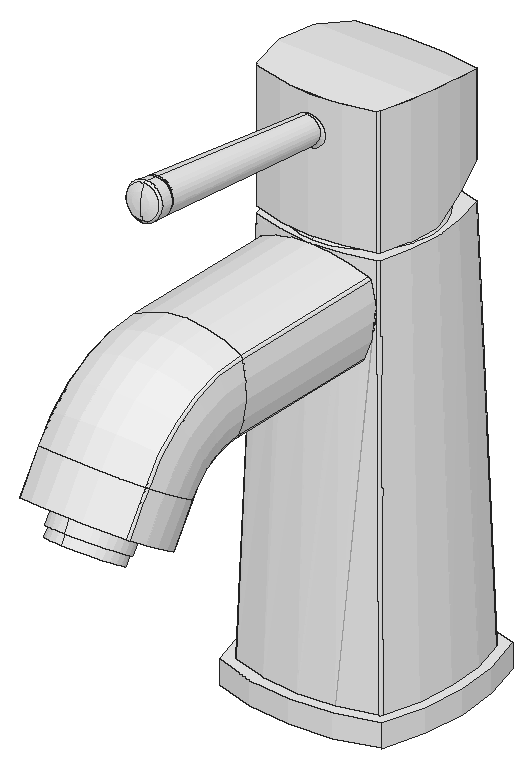
Revit family "Faucet-Lavatory-Grohe-Grandera-23311_Series", category Plumbing Fixtures, Revit 2014
Parameters (values of type "23311000")
  cUPC Compliant = yes
  Waste Connection = no
  Warranty Documentation Link = "https://cdn.cloud.grohe.com/tpi/1000/1900/1940/1949/1949006/original/1949006.pdf"
  WFU = 0
  Vent Connection = no
  URL = "http://www.grohe.com/ca-en/"
  Shipping Weight = 5.30 lbf
  Product Page URL = "https://www.grohe.com/ca-en/25793/bathroom/bathroom-faucets/grandera/product-details/?product=23311-G357&color=000&material=23311000"
  Price = "Prices may vary. Please consult Manufacturer Representative for most up-to-date price list."  # constant formula
  Model = "23311000"
  Material = "Metal-Grohe-000-Chrome"
  Manufacturer = "Grohe"
  Length = 4 3/8"  # constant formula
  Installation Type = "Deck-Mounted"
  Hot Water Connection Diameter = 3/8"
  Height = 6 7/8"  # constant formula
  HWFU = 1.5
  HW Connection = yes
  Flow Rate = "1.5 gpm (5.7 L/min)"
  Finish = Metal-Grohe-000-Chrome
  Description = "Grandera Single-lever basin mixer 1/2\" M-Size"
  Default Elevation = 0"
  Creation Date = "1/26/2017"  # constant formula
  Cold Water Connection Diameter = 3/8"
  CalGreen Compliant = yes
  CWFU = 1.5
  CW Connection = yes
  Assembly Code = "D2020300"
  ADA Compliant = yes
Types (5): name | Product Page URL | Model | Material | Flow Rate | Finish
  (no name) | "https://www.grohe.com/ca-en/25793/bathroom/bathroom-faucets/grandera/product-details/?product=23311-G357&color=000&material=23311000" | "23311000" | "Metal-Grohe-000-Chrome" | "1.5 gpm (5.7 L/min)" | Metal-Grohe-000-Chrome
  23311000 | "https://www.grohe.com/ca-en/25793/bathroom/bathroom-faucets/grandera/product-details/?product=23311-G357&color=000&material=23311000" | "23311000" | "Metal-Grohe-000-Chrome" | "1.5 gpm (5.7 L/min)" | Metal-Grohe-000-Chrome
  2331100A | "https://www.grohe.com/ca-en/25793/bathroom/bathroom-faucets/grandera/product-details/?product=23311-G357&color=00A&material=2331100A" | "2331100A" | "Metal-Grohe-00A-Chrome" | "1.2 gpm (4.56 L/min)" | Metal-Grohe-00A-Chrome
  23311EN0 | "https://www.grohe.com/ca-en/25793/bathroom/bathroom-faucets/grandera/product-details/?product=23311-G357&color=EN0&material=23311EN0" | "23311EN0" | "Metal-Grohe-EN0-Brushed Nickel" | "1.5 gpm (5.7 L/min)" | Metal-Grohe-EN0-Brushed Nickel
  23311ENA | "https://www.grohe.com/ca-en/25793/bathroom/bathroom-faucets/grandera/product-details/?product=23311-G357&color=ENA&material=23311ENA" | "23311ENA" | "Metal-Grohe-ENA-Brushed Nickel" | "1.2 gpm (4.56 L/min)" | Metal-Grohe-ENA-Brushed Nickel
Reference planes (in)
  plane 1 "Center (Front/Back)": y = 0
  plane 2: z = 0
  plane 3 "Center (Left/Right)": x = 0
  plane 4: x = -1.1875
  plane 5: x = 1.1875
  plane 6: y = 1.3125
  plane 7: y = 1.1875
  plane 8: y = -1.1875
  plane 9: through (0, -3.44939, 6.67499) normal (0, -0.1219, -0.9925)
  plane 10: z = 6.875
  plane 11: z = 3.25
  plane 12: y = -4.375
  plane 13: through (0, -4.375, 3.25) normal (0, -0.866, 0.5)
Forms (in)
  Extrusion 1, solid, material "Metal-Grohe-000-Chrome" <- "Finish"
    sketch origin (0, 0, 0) x (1, 0, 0) y (0, 1, 0)
      loop
        arc (-0.99784, 0.99095) -> (-1.18799, 0) -> (-0.99784, -0.99095) r 2.67717
        arc (-0.99784, -0.99095) -> (-0.00689, -1.1811) -> (0.98406, -0.99095) r 2.67717
        arc (0.98406, -0.99095) -> (1.17421, 0) -> (0.98406, 0.99095) r 2.67717
        arc (0.98406, 0.99095) -> (-0.00689, 1.1811) -> (-0.99784, 0.99095) r 2.67717
    from 0 to 0.27559
  Blend 2, solid, material "Metal-Grohe-000-Chrome" <- "Finish"
    base sketch origin (5.125, 0, 0) x (1, 0, 0) y (0, 1, 0)
      loop
        arc (-4.21719, 0.86382) -> (-4.23166, 0.88645) -> (-4.25429, 0.90092) r 0.0625
        arc (-4.25429, 0.90092) -> (-5.12654, 1.05464) -> (-5.99773, 0.89505) r 2.50369
        arc (-5.99773, 0.89505) -> (-6.02063, 0.88022) -> (-6.03524, 0.85718) r 0.06377
        arc (-6.03524, 0.85718) -> (-6.18655, -0.0003) -> (-6.03503, -0.85774) r 2.50369
        arc (-6.03503, -0.85774) -> (-6.02072, -0.88031) -> (-5.99829, -0.89484) r 0.0625
        arc (-5.99829, -0.89484) -> (-5.12684, -1.05464) -> (-4.25429, -0.90092) r 2.50369
        arc (-4.25429, -0.90092) -> (-4.23166, -0.88645) -> (-4.21719, -0.86382) r 0.0625
        arc (-4.21719, -0.86382) -> (-4.06345, 0) -> (-4.21719, 0.86382) r 2.50369
    top sketch origin (5.125, 0, 0) x (1, 0, 0) y (0, 1, 0)
      loop
        arc (-4.39482, 0.75324) -> (-5.12487, 0.87515) -> (-5.85495, 0.75338) r 2.24803
        arc (-5.85495, 0.75338) -> (-5.86872, 0.74478) -> (-5.87732, 0.731) r 0.03603
        arc (-5.87732, 0.731) -> (-5.9991, 0.00092) -> (-5.87718, -0.72913) r 2.24803
        arc (-5.87718, -0.72913) -> (-5.86879, -0.74257) -> (-5.85536, -0.75096) r 0.03516
        arc (-5.85536, -0.75096) -> (-5.12509, -0.87288) -> (-4.39482, -0.75096) r 2.24803
        arc (-4.39482, -0.75096) -> (-4.38138, -0.74257) -> (-4.37299, -0.72913) r 0.03516
        arc (-4.37299, -0.72913) -> (-4.25107, 0.00114) -> (-4.37299, 0.73141) r 2.24803
        arc (-4.37299, 0.73141) -> (-4.38138, 0.74485) -> (-4.39482, 0.75324) r 0.03516
    from 0 to 5.11811
  Sweep 3, solid, material "Metal-Grohe-000-Chrome" <- "Finish"
    path origin (5.125, 0, -0.14723) x (0, 1, 0) y (0, 0, 1)
      loop
        line (0, 2.85955) -> (0, 3.94005)
        arc (0, 3.94005) -> (-0.21967, 4.47038) -> (-0.75, 4.69005) r 0.75
        line (-0.75, 4.69005) -> (-2.73624, 4.69005)
        arc (-2.73624, 4.69005) -> (-3.37603, 4.52459) -> (-3.85538, 4.0697) r 1.31967
        line (-3.85538, 4.0697) -> (-4.13356, 3.62452)
    profile origin (5.125, 0, 3.25257) x (0, -1, 0) y (1, 0, 0)
      loop
        arc (-0.38424, -5.76768) -> (-0.37073, -5.78255) -> (-0.35284, -5.79168) r 0.05588
        arc (-0.35284, -5.79168) -> (0.0783, -5.84092) -> (0.49968, -5.73726) r 1.22911
        arc (0.49968, -5.73726) -> (0.51439, -5.72762) -> (0.52528, -5.7138) r 0.05469
        arc (0.52528, -5.7138) -> (0.67928, -5.11944) -> (0.52657, -4.52475) r 1.22911
        arc (0.52657, -4.52475) -> (0.51569, -4.5109) -> (0.50097, -4.50122) r 0.05469
        arc (0.50097, -4.50122) -> (0.07807, -4.39697) -> (-0.35463, -4.44676) r 1.22911
        arc (-0.35463, -4.44676) -> (-0.37213, -4.45573) -> (-0.38533, -4.4703) r 0.05469
        arc (-0.38533, -4.4703) -> (-0.56991, -5.11915) -> (-0.38424, -5.76768) r 1.22911
  Extrusion 4, solid, material "Metal-Grohe-000-Chrome" <- "Finish"
    sketch origin (0, 0.17969, 0.35156) x (0, 1, 0) y (0, 0, 1)
      loop
        line (1.28867, 1.9685) -> (0.88508, 1.9685)
        arc (0.88508, 1.9685) -> (0.8652, 1.96027) -> (0.85696, 1.94038) r 0.02812
        line (0.85696, 1.94038) -> (0.85696, 1.66973)
        arc (0.85696, 1.66973) -> (0.86438, 1.64691) -> (0.88379, 1.6328) r 0.03883
        line (0.88379, 1.6328) -> (1.01692, 1.58955)
        arc (1.01692, 1.58955) -> (1.03196, 1.59073) -> (1.04176, 1.6022) r 0.01971
        line (1.04176, 1.6022) -> (1.07677, 1.70996)
        arc (1.07677, 1.70996) -> (1.08851, 1.72612) -> (1.1075, 1.73229) r 0.0323
        line (1.1075, 1.73229) -> (1.29103, 1.73229)
        arc (1.29103, 1.73229) -> (1.30621, 1.73857) -> (1.3125, 1.75375) r 0.02147
        line (1.3125, 1.75375) -> (1.3125, 1.94467)
        arc (1.3125, 1.94467) -> (1.30552, 1.96152) -> (1.28867, 1.9685) r 0.02383
    from -0.23918 to 0.25128
  Revolve 5, solid, material "Metal-Grohe-000-Chrome" <- "Finish"
    sketch origin (0, 0.07813, -0.00781) x (0, 1, 0) y (0, 0, 1)
      loop
        line (1.13219, 2.04297) -> (1.06641, 2.06434) -> (0.74048, 1.06123) -> (0.80626, 1.03986) -> (1.13219, 2.04297)
      axis (0.74048, 1.06123) -> (1.06641, 2.06434)
    angle from 0 to 360
  Revolve 6, solid, material "Metal-Grohe-000-Chrome" <- "Finish"
    sketch origin (0, 0, 0) x (0, 1, 0) y (0, 0, 1)
      loop
        line (0, 5.63582) -> (0, 4.90626) -> (0.8142, 4.90626) -> (0.8142, 5.11811)
        arc (0.8142, 5.11811) -> (0.4826, 5.49571) -> (0, 5.63582) r 0.8973
      axis (0, 5.63582) -> (0, 4.90626)
    angle from 0 to 360
  Extrusion 7, solid, material "Metal-Grohe-000-Chrome" <- "Finish"
    sketch origin (0, 0, 0) x (1, 0, 0) y (0, 1, 0)
      loop
        arc (0.73018, 0.75324) -> (-0.00009, 0.87516) -> (-0.73036, 0.75324) r 2.24803
        arc (-0.73036, 0.75324) -> (-0.74379, 0.74485) -> (-0.75218, 0.73141) r 0.03516
        arc (-0.75218, 0.73141) -> (-0.8741, 0.00114) -> (-0.75218, -0.72913) r 2.24803
        arc (-0.75218, -0.72913) -> (-0.74379, -0.74257) -> (-0.73036, -0.75096) r 0.03516
        arc (-0.73036, -0.75096) -> (-0.00009, -0.87288) -> (0.73018, -0.75096) r 2.24803
        arc (0.73018, -0.75096) -> (0.74362, -0.74257) -> (0.75201, -0.72913) r 0.03516
        arc (0.75201, -0.72913) -> (0.87393, 0.00114) -> (0.75201, 0.73141) r 2.24803
        arc (0.75201, 0.73141) -> (0.74362, 0.74485) -> (0.73018, 0.75324) r 0.03516
    from 5.20431 to 7.17638
  Extrusion 8, void
    sketch origin (0, 0, 0) x (0, 1, 0) y (0, 0, 1)
      loop
        line (1.07733, 6.4415) -> (1.07733, 7.3425) -> (-0.96471, 7.3425) -> (-0.96471, 6.72816)
        arc (-0.96471, 6.72816) -> (0.07553, 6.72174) -> (1.07733, 6.4415) r 3.91361
      loop
        line (-0.10642, 5.17183) -> (0.96678, 5.17183) -> (0.96678, 5.69527) -> (-0.10642, 5.17183)
    from -1.1875 to 1.1875
  Revolve 9, solid, material "Metal-Grohe-000-Chrome" <- "Finish"
    sketch origin (0, 0.01562, 0) x (0, 1, 0) y (0, 0, 1)
      loop
        arc (-0.91286, 6.52833) -> (-2.04939, 6.67374) -> (-3.18177, 6.8486) r 44.14224
        line (-3.18177, 6.8486) -> (-3.18775, 6.81752) -> (-3.21953, 6.82364) -> (-3.21408, 6.85603)
        arc (-3.21408, 6.85603) -> (-3.28966, 6.86883) -> (-3.36523, 6.88177) r 44.14118
        arc (-3.36523, 6.88177) -> (-3.38153, 6.87925) -> (-3.39303, 6.86742) r 0.02596
        arc (-3.39303, 6.86742) -> (-3.42906, 6.7735) -> (-3.44939, 6.67499) r 0.61877
        line (-3.44939, 6.67499) -> (-0.82705, 6.35301) -> (-0.82705, 6.58062)
        arc (-0.82705, 6.58062) -> (-0.86098, 6.53974) -> (-0.91286, 6.52833) r 0.08178
      axis (-0.82705, 6.35301) -> (-3.44939, 6.67499)
    angle from 0 to 360
  Revolve 10, solid, material "Metal-Grohe-000-Chrome" <- "Finish"
    sketch origin (0, 0.2711, -4.77202) x (0, 0.97814, -0.207948) y (0, 0.207948, 0.97814)
      loop
        line (-5.69098, 6.86176) -> (-5.66119, 6.85153) -> (-5.58089, 7.07217) -> (-5.99798, 7.22398) -> (-6.12147, 6.88469) -> (-5.72934, 6.75005) -> (-5.69098, 6.86176)
      axis (-5.99798, 7.22398) -> (-6.12147, 6.88469)
    angle from 0 to 360
  Extrusion 11, solid, material "Metal-Grohe-000-Chrome" <- "Finish"
    sketch origin (0, 0, 0) x (1, 0, 0) y (0, 1, 0)
      loop
        circle (-0.43015, 0) r 0.1875
      loop
        circle (0.43015, 0) r 0.1875
    from 0 to 1.03412
Cuts and joins
  Extrusion 8 cuts Extrusion 7
  joined: Extrusion 1, Blend 2, Sweep 3, Extrusion 4, Revolve 5, Revolve 6, Extrusion 7, Revolve 9, Revolve 10, Extrusion 11
Lines and regions (in)
  Masking region 1
    outline origin (0, 0, 0) x (1, 0, 0) y (0, 1, 0)
      loop
        arc (0.98322, 0.99104) -> (0.62343, 1.10565) -> (0.2511, 1.16851) r 2.67703
        line (0.2511, 1.16851) -> (0.2511, 1.49219) -> (-0.23905, 1.49219) -> (-0.23905, 1.17093)
        arc (-0.23905, 1.17093) -> (-0.62473, 1.10871) -> (-0.99725, 0.99102) r 2.67707
        arc (-0.99725, 0.99102) -> (-1.18734, 0.00022) -> (-0.9972, -0.99056) r 2.67681
        arc (-0.9972, -0.99056) -> (-0.86028, -1.04087) -> (-0.72083, -1.08364) r 2.67695
        line (-0.72083, -1.08364) -> (-0.72083, -4.17853)
        arc (-0.72083, -4.17853) -> (-0.68449, -4.38221) -> (-0.61083, -4.57554) r 1.10539
        arc (-0.61083, -4.57554) -> (0.00249, -4.76478) -> (0.61919, -4.58682) r 1.1219
        arc (0.61919, -4.58682) -> (0.67972, -4.44311) -> (0.71956, -4.29235) r 1.11222
        line (0.71956, -4.29235) -> (0.71956, -1.07999)
        arc (0.71956, -1.07999) -> (0.85252, -1.03865) -> (0.98315, -0.99045) r 2.67695
        arc (0.98315, -0.99045) -> (1.17329, 0.00028) -> (0.98322, 0.99104) r 2.67668
  symbolic lines, detail levels medium+fine
    curve 1: arc (0.74638, 0.7476, 0) -> (-0.00009, 0.87516, 0) -> (-0.74655, 0.7476, 0) r 2.24803
    curve 2: arc (-0.74655, 0.7476, 0) -> (-0.8741, 0.00114, 0) -> (-0.74655, -0.74533, 0) r 2.24803
    curve 3: arc (0.74638, -0.74533, 0) -> (0.87393, 0.00114, 0) -> (0.74638, 0.7476, 0) r 2.24803
    curve 4: arc (-0.74655, -0.74533, 0) -> (-0.47606, -0.82191, 0) -> (-0.19813, -0.86414, 0) r 2.24803
    curve 5: line (-0.72083, -1.11841, 0) -> (-0.72083, -0.75421, 0)
    curve 6: line (0.71956, -1.11533, 0) -> (0.71956, -0.75458, 0)
    curve 7: arc (-0.19982, -3.40431, 0) -> (-0.00546, -3.43912, 0) -> (0.18889, -3.40431, 0) r 0.56004
    curve 8: arc (0.18889, -3.40431, 0) -> (0.21157, -3.38342, 0) -> (0.213, -3.35262, 0) r 0.04055
    curve 9: line (0.213, -3.35262, 0) -> (0.20847, -3.22289, 0)
    curve 10: arc (0.20847, -3.22289, 0) -> (0.19235, -3.21367, 0) -> (0.17407, -3.21037, 0) r 0.05482
    curve 11: arc (0.20516, -3.19027, 0) -> (0.1627, -2.04938, 0) -> (0.16532, -0.9077, 0) r 28.90634
    curve 12: arc (0.16532, -0.9077, 0) -> (0.17763, -0.88281, 0) -> (0.19816, -0.86412, 0) r 0.07486
    curve 13: arc (-0.18889, -3.40431, 0) -> (-0.21157, -3.38342, 0) -> (-0.213, -3.35262, 0) r 0.04055
    curve 14: line (-0.213, -3.35262, 0) -> (-0.20847, -3.22289, 0)
    curve 15: arc (-0.20847, -3.22289, 0) -> (-0.19235, -3.21367, 0) -> (-0.17407, -3.21037, 0) r 0.05482
    curve 16: arc (-0.20516, -3.19027, 0) -> (-0.1627, -2.04938, 0) -> (-0.16532, -0.9077, 0) r 28.90634
    curve 17: arc (-0.16532, -0.9077, 0) -> (-0.17762, -0.88282, 0) -> (-0.19813, -0.86414, 0) r 0.07486
    curve 18: arc (0.19816, -0.86412, 0) -> (0.47599, -0.82189, 0) -> (0.74638, -0.74533, 0) r 2.24803
    curve 19: arc (-0.20516, -3.19027, 0) -> (-0.19167, -3.20349, 0) -> (-0.17407, -3.21037, 0) r 0.04724
    curve 20: arc (0.20516, -3.19027, 0) -> (0.19167, -3.20349, 0) -> (0.17407, -3.21037, 0) r 0.04724
    curve 27: arc (-0.19813, -0.86414, 0) -> (-0.00034, -0.87287, 0) -> (0.19745, -0.86414, 0) r 2.24516
  symbolic lines, detail levels fine
    curve 21: arc (-0.82856, 0.90074, 0) -> (-0.00485, 1.04496, 0) -> (0.82013, 0.90828, 0) r 2.48935
    curve 22: arc (-0.91965, -0.79927, 0) -> (-1.05144, 0.00767, 0) -> (-0.91471, 0.81379, 0) r 2.48958
    curve 23: arc (0.83317, -0.90361, 0) -> (0.77658, -0.92277, 0) -> (0.71956, -0.94057, 0) r 2.48935
    curve 24: arc (0.91474, 0.81368, 0) -> (1.05144, -0.00684, 0) -> (0.91019, -0.82659, 0) r 2.48949
    curve 25: line (-0.23918, 1.17101, 0) -> (-0.23918, 1.03283, 0)
    curve 26: line (0.25128, 1.16862, 0) -> (0.25128, 1.03293, 0)
    curve 28: arc (-0.91471, 0.81379, 0) -> (-0.88154, 0.86707, 0) -> (-0.82856, 0.90074, 0) r 0.14134
    curve 29: arc (0.82013, 0.90828, 0) -> (0.87832, 0.87187, 0) -> (0.91474, 0.81368, 0) r 0.15302
    curve 30: arc (0.91019, -0.82659, 0) -> (0.88043, -0.87385, 0) -> (0.83317, -0.90361, 0) r 0.12602
    curve 31: arc (-0.8142, -0.90568, 0) -> (-0.87921, -0.86465, 0) -> (-0.91965, -0.79927, 0) r 0.1708
    curve 32: arc (-0.72083, -0.93623, 0) -> (-0.76767, -0.92141, 0) -> (-0.8142, -0.90568, 0) r 2.48935
    curve 33: arc (-0.17407, -3.21037, 0) -> (0, -3.2295, 0) -> (0.17407, -3.21037, 0) r 0.80146
    curve 34: arc (-0.20847, -3.22289, 0) -> (0, -3.24588, 0) -> (0.20847, -3.22289, 0) r 0.95676
Dimensions and locks (in)
  equal spacing: plane 4, plane 3 "Center (Left/Right)", plane 5
  locked: plane 4 to plane 5 at 2.375
  locked: plane 6 to plane 1 "Center (Front/Back)" at 1.3125
  equal spacing: plane 7, plane 1 "Center (Front/Back)", plane 8
  locked: plane 7 to plane 8 at 2.375
  "Height": level to plane 10
  locked: plane 11 to level at 3.25
  "Length": plane 1 "Center (Front/Back)" to plane 12
  "Hot Water Connection Diameter": diameter of Extrusion 11 sketch curve
  "Cold Water Connection Diameter": diameter of Extrusion 11 sketch curve
  locked: plane 12 to plane 13 (angle 30.00°)
  aligned and locked: Extrusion 1 to level
Automatic sketch dimensions
  Extrusion 1 sketch curve to plane 1 "Center (Front/Back)" = 0"  (x2)
  Extrusion 1 sketch curve to plane 4 = 0.31545"
  Extrusion 1 sketch curve to plane 3 "Center (Left/Right)" = 0.00689"  (x2)
  Extrusion 1 sketch curve to plane 5 = 0.30167"
  plane 8 to Extrusion 1 sketch curve = 0.30856"
  Extrusion 1 sketch curve to plane 6 = 0.18356"
  plane 4 to Extrusion 1 sketch curve = 0.18966"  (x2)
  plane 5 to Extrusion 1 sketch curve = 0.20344"
  Extrusion 1 sketch curve to plane 8 = 0.19655"
  Blend 2 sketch curve to plane 1 "Center (Front/Back)" = 0"  (x2)
  Blend 2 sketch curve to plane 4 = 0.25464"
  plane 4 to Blend 2 sketch curve = 0.33618"
  plane 4 to Blend 2 sketch curve = 0.33718"
  plane 3 "Center (Left/Right)" to Blend 2 sketch curve = 0.00689"  (x2)
  plane 5 to Blend 2 sketch curve = 0.33835"  (x2)
  Blend 2 sketch curve to plane 5 = 0.25464"
  Blend 2 sketch curve to plane 8 = 0.35117"
  Blend 2 sketch curve to plane 8 = 0.34524"
  plane 8 to Blend 2 sketch curve = 0.26153"
  Blend 2 sketch curve to plane 7 = 0.35215"
  Blend 2 sketch curve to plane 7 = 0.34524"
  Blend 2 sketch curve to plane 6 = 0.13653"
  Blend 2 sketch curve to Blend 2 sketch curve = 0.05991"
  Blend 2 sketch curve to Blend 2 sketch curve = 0"  (x14)
  Blend 2 sketch curve to plane 1 "Center (Front/Back)" = 0.00114"  (x2)
  Blend 2 sketch curve to plane 4 = 0.1866"
  plane 4 to Blend 2 sketch curve = 0.46857"
  plane 4 to Blend 2 sketch curve = 0.46925"
  Blend 2 sketch curve to plane 3 "Center (Left/Right)" = 0.00009"  (x2)
  plane 5 to Blend 2 sketch curve = 15/32"  (x2)
  Blend 2 sketch curve to plane 5 = 0.18643"
  Blend 2 sketch curve to plane 8 = 0.46979"  (x2)
  plane 8 to Blend 2 sketch curve = 0.18538"
  Blend 2 sketch curve to plane 7 = 0.4682"
  Blend 2 sketch curve to plane 7 = 0.46751"
  Blend 2 sketch curve to plane 6 = 0.06266"
  Blend 2 sketch curve to Blend 2 sketch curve = 0.03407"
  Extrusion 7 sketch curve to plane 1 "Center (Front/Back)" = 0.00114"  (x2)
  Extrusion 7 sketch curve to plane 4 = 0.1866"
  plane 4 to Extrusion 7 sketch curve = 0.46857"  (x2)
  Extrusion 7 sketch curve to plane 3 "Center (Left/Right)" = 0.00009"  (x2)
  plane 5 to Extrusion 7 sketch curve = 15/32"  (x2)
  Extrusion 7 sketch curve to plane 5 = 0.18643"
  Extrusion 7 sketch curve to plane 8 = 0.46979"  (x2)
  plane 8 to Extrusion 7 sketch curve = 0.18538"
  Extrusion 7 sketch curve to plane 7 = 0.46751"  (x2)
  Extrusion 7 sketch curve to plane 6 = 0.06266"
  Extrusion 7 sketch curve to Extrusion 7 sketch curve = 0.03325"  (x2)
  Extrusion 7 sketch curve to Extrusion 7 sketch curve = 0"  (x6)
  Masking region 1 sketch curve to Masking region 1 sketch curve = 0.0006"
  Masking region 1 sketch curve to Masking region 1 sketch curve = 0"  (x2)
  Masking region 1 sketch curve to Masking region 1 sketch curve = 0.00262"
  Masking region 1 sketch curve to plane 1 "Center (Front/Back)" = 0.00038"
  Masking region 1 sketch curve to plane 4 = 0.31588"
  Masking region 1 sketch curve to plane 8 = 0.10386"
  Masking region 1 sketch curve to plane 3 "Center (Left/Right)" = 0.72083"
  Masking region 1 sketch curve to Masking region 1 sketch curve = 0.3478"
  Masking region 1 sketch curve to plane 7 = 0.01657"
  Masking region 1 sketch curve to plane 3 "Center (Left/Right)" = 0.23905"
  Masking region 1 sketch curve to plane 3 "Center (Left/Right)" = 0.00845"
  Masking region 1 sketch curve to plane 3 "Center (Left/Right)" = 0.00724"
  plane 3 "Center (Left/Right)" to Masking region 1 sketch curve = 0.01278"
  Masking region 1 sketch curve to plane 7 = 0.01899"
  plane 3 "Center (Left/Right)" to Masking region 1 sketch curve = 0.2511"
  plane 3 "Center (Left/Right)" to Masking region 1 sketch curve = 0.38077"
  Masking region 1 sketch curve to Masking region 1 sketch curve = 0.33879"
  Masking region 1 sketch curve to plane 1 "Center (Front/Back)" = 0.00029"
  Masking region 1 sketch curve to plane 5 = 0.30197"
  plane 8 to Masking region 1 sketch curve = 0.30852"
  plane 12 to Masking region 1 sketch curve = 0.73207"
  plane 12 to Masking region 1 sketch curve = 0.29071"
  plane 12 to Masking region 1 sketch curve = 0.28794"
  Masking region 1 sketch curve to Masking region 1 sketch curve = 0.09424"
  Masking region 1 sketch curve to Masking region 1 sketch curve = 0.20528"
  Masking region 1 sketch curve to plane 8 = 0.10751"
  Masking region 1 sketch curve to plane 6 = 23/128"
  Masking region 1 sketch curve to plane 6 = 0.18357"
  plane 4 to Masking region 1 sketch curve = 0.19025"
  Masking region 1 sketch curve to plane 12 = 0.20054"
  Masking region 1 sketch curve to plane 7 = 0.19646"
  Sweep 3 sketch curve to plane 1 "Center (Front/Back)" = 0"
  Sweep 3 sketch curve to plane 8 = 7/16"
  Sweep 3 sketch curve to plane 11 = 0.02685"
  plane 8 to Sweep 3 sketch curve = 1.54874"
  plane 12 to Sweep 3 sketch curve = 0.51962"
  plane 11 to Sweep 3 sketch curve = 0.54282"
  plane 12 to Sweep 3 sketch curve = 0.24144"
  Sweep 3 sketch curve to plane 11 = 0.53768"
  plane 11 to Sweep 3 sketch curve = 0.22729"
  Extrusion 4 sketch curve to plane 7 = 0.15085"
  Extrusion 4 sketch curve to Extrusion 4 sketch curve = 0.02683"
  Extrusion 4 sketch curve to Extrusion 4 sketch curve = 0.02812"
  Extrusion 4 sketch curve to Extrusion 4 sketch curve = 0.012"
  plane 7 to Extrusion 4 sketch curve = 0.00911"
  plane 7 to Extrusion 4 sketch curve = 0.0152"
  Extrusion 4 sketch curve to Extrusion 4 sketch curve = 0.01875"
  plane 6 to Extrusion 4 sketch curve = 0.05604"
  plane 6 to Extrusion 4 sketch curve = 0.02532"
  Extrusion 4 sketch curve to plane 6 = 0.15586"
  Extrusion 4 sketch curve to plane 6 = 0.15822"
  Extrusion 4 sketch curve to Extrusion 4 sketch curve = 0.02383"
  Extrusion 4 sketch curve to plane 11 = 1.30889"
  Extrusion 4 sketch curve to Extrusion 4 sketch curve = 0.01266"
  Extrusion 4 sketch curve to Extrusion 4 sketch curve = 0.04326"
  Extrusion 4 sketch curve to Extrusion 4 sketch curve = 0.09778"
  Extrusion 4 sketch curve to Extrusion 4 sketch curve = 0.00998"
  Extrusion 4 sketch curve to Extrusion 4 sketch curve = 0.27065"
  Revolve 6 sketch curve to plane 1 "Center (Front/Back)" = 0"  (x2)
  Revolve 6 sketch curve to plane 1 "Center (Front/Back)" = 0.00114"
  Revolve 6 sketch curve to plane 7 = 0.3733"
  plane 11 to Revolve 6 sketch curve = 1.48852"
  Revolve 6 sketch curve to Revolve 6 sketch curve = 0.16775"
  Revolve 6 sketch curve to Revolve 6 sketch curve = 0.21185"
  Revolve 6 sketch curve to Revolve 6 sketch curve = 0.52852"
  Revolve 6 sketch curve to Revolve 6 sketch curve = 0.21691"
  Extrusion 8 sketch curve to plane 8 = 0.22279"
  plane 1 "Center (Front/Back)" to Extrusion 8 sketch curve = 0.46853"
  plane 1 "Center (Front/Back)" to Extrusion 8 sketch curve = 0.10642"
  Extrusion 8 sketch curve to plane 7 = 0.22072"
  Extrusion 8 sketch curve to plane 7 = 0.11017"
  Extrusion 8 sketch curve to plane 11 = 0.40387"
  plane 10 to Extrusion 8 sketch curve = 1.70317"
  Extrusion 8 sketch curve to Extrusion 8 sketch curve = 67/128"
  plane 10 to Extrusion 8 sketch curve = 0.4335"
  Extrusion 8 sketch curve to plane 10 = 0.4675"
  plane 10 to Revolve 9 sketch curve = 0.20001"
  plane 12 to Revolve 9 sketch curve = 0.94123"
  plane 10 to Revolve 9 sketch curve = 0.01882"
  Revolve 9 sketch curve to Revolve 9 sketch curve = 0.07976"
  plane 10 to Revolve 9 sketch curve = 0.05136"
  Revolve 9 sketch curve to Revolve 9 sketch curve = 0.1501"
  plane 10 to Revolve 9 sketch curve = 0.01897"
  Revolve 9 sketch curve to Revolve 9 sketch curve = 0.00545"
  plane 10 to Revolve 9 sketch curve = 0.05748"
  Revolve 9 sketch curve to Revolve 9 sketch curve = 0.03178"
  plane 10 to Revolve 9 sketch curve = 0.0264"
  Revolve 9 sketch curve to Revolve 9 sketch curve = 0.35252"
  Revolve 9 sketch curve to plane 8 = 0.29959"
  Revolve 9 sketch curve to Revolve 9 sketch curve = 0.07648"
  Revolve 9 sketch curve to plane 6 = 2.82184"
  Revolve 9 sketch curve to Revolve 9 sketch curve = 0.00151"
  plane 10 to Revolve 9 sketch curve = 0.26542"
  plane 10 to Revolve 9 sketch curve = 0.27542"
  Revolve 9 sketch curve to Revolve 9 sketch curve = 0.02897"
  Revolve 9 sketch curve to Revolve 9 sketch curve = 0.17533"
  Revolve 9 sketch curve to plane 10 = 43.5077"
  Revolve 9 sketch curve to Revolve 9 sketch curve = 0.00119"
  Revolve 9 sketch curve to Revolve 9 sketch curve = 0"
  Revolve 9 sketch curve to plane 8 = 1/64"
  Revolve 9 sketch curve to Revolve 9 sketch curve = 0.10483"
  Revolve 9 sketch curve to Revolve 9 sketch curve = 0.13107"
  Revolve 9 sketch curve to Revolve 9 sketch curve = 0.01287"
  Revolve 10 sketch curve to plane 11 = 0.01488"
  Revolve 10 sketch curve to plane 13 = 0.08547"
  Revolve 10 sketch curve to Revolve 10 sketch curve = 0.12349"
  Revolve 10 sketch curve to Revolve 10 sketch curve = 0.39214"
  Revolve 10 sketch curve to Revolve 10 sketch curve = 0.03836"
  Revolve 10 sketch curve to Revolve 10 sketch curve = 0.02979"
  Revolve 10 sketch curve to Revolve 10 sketch curve = 0.08031"
  Revolve 10 sketch curve to Revolve 10 sketch curve = 0.02293"
  Revolve 10 sketch curve to Revolve 10 sketch curve = 0.12054"
  Revolve 10 sketch curve to Revolve 10 sketch curve = 0.06555"
  Revolve 10 sketch curve to Revolve 10 sketch curve = 0.33119"
  Revolve 10 sketch curve to Revolve 10 sketch curve = 0.1801"
  Revolve 5 sketch curve to plane 7 = 0.36889"
  Revolve 5 sketch curve to Revolve 5 sketch curve = 0.06578"
  Revolve 5 sketch curve to plane 7 = 11/256"
  level to Revolve 5 sketch curve = 1.03204"
  Revolve 5 sketch curve to Revolve 5 sketch curve = 0.02137"
  Revolve 5 sketch curve to plane 7 = 0.25208"
  Revolve 5 sketch curve to Revolve 5 sketch curve = 0.03331"
  Revolve 5 sketch curve to Revolve 5 sketch curve = 0.35951"
  Revolve 5 sketch curve to Revolve 5 sketch curve = 0.10251"
  curve 4 to curve 18 = 0"  (x2)
  curve 23 to curve 32 = 0"  (x2)
  curve 33 to plane 3 "Center (Left/Right)" = 0"
  curve 34 to plane 3 "Center (Left/Right)" = 0"
  curve 4 to plane 3 "Center (Left/Right)" = 0.00009"
  curve 1 to plane 3 "Center (Left/Right)" = 0.00009"
  curve 27 to plane 3 "Center (Left/Right)" = 0.00034"
  curve 7 to plane 3 "Center (Left/Right)" = 0.00546"
  curve 19 to plane 3 "Center (Left/Right)" = 0.16602"
  curve 15 to curve 19 = 0.00758"
  curve 13 to curve 15 = 0.00123"
  curve 14 to curve 15 = 0.03487"
  curve 14 to curve 13 = 0.03817"
  curve 17 to plane 3 "Center (Left/Right)" = 0.23742"
  plane 4 to curve 31 = 0.42961"
  plane 4 to curve 28 = 0.40636"
  curve 3 to plane 1 "Center (Front/Back)" = 0.00114"
  curve 3 to plane 4 = 0.1866"
  curve 24 to plane 1 "Center (Front/Back)" = 0.00006"
  curve 24 to curve 3 = 0.06394"
  plane 8 to curve 16 = 0.35739"
  curve 16 to curve 24 = 27.6266"
  plane 3 "Center (Left/Right)" to curve 21 = 0.00654"
  plane 3 "Center (Left/Right)" to curve 23 = 0.00654"
  plane 3 "Center (Left/Right)" to curve 20 = 0.16602"
  curve 20 to curve 10 = 0.00758"
  curve 10 to curve 8 = 0.00123"
  curve 10 to curve 9 = 0.03487"
  curve 8 to curve 9 = 0.03817"
  plane 3 "Center (Left/Right)" to curve 12 = 0.23742"
  plane 5 to curve 29 = 0.41738"
  plane 5 to curve 30 = 0.39618"
  curve 2 to plane 1 "Center (Front/Back)" = 0.00114"
  curve 2 to plane 5 = 0.18643"
  curve 22 to plane 1 "Center (Front/Back)" = 0.00006"
  curve 2 to curve 22 = 0.0642"
  plane 8 to curve 11 = 0.35739"
  curve 22 to curve 11 = 27.62651"
  plane 8 to curve 34 = 1.10162"
  curve 7 to curve 33 = 0.45103"
  curve 20 to curve 7 = 0.28475"
  curve 19 to curve 7 = 0.28475"
  curve 9 to curve 20 = 0.05907"
  curve 10 to curve 34 = 0.0423"
  curve 15 to curve 34 = 0.0423"
  curve 14 to curve 15 = 0.08743"
  curve 9 to curve 10 = 0.08743"
  curve 8 to curve 8 = 0.01366"
  curve 13 to curve 13 = 0.01366"
  plane 8 to curve 21 = 0.25686"
  curve 21 to curve 1 = 0.07148"
  curve 12 to plane 8 = 0.25964"
  curve 17 to plane 8 = 0.25964"
  curve 30 to plane 8 = 0.40276"
  curve 31 to plane 8 = 0.44307"
  curve 29 to plane 7 = 0.42383"
  curve 28 to plane 7 = 0.41991"
  curve 27 to plane 6 = 0.05979"
  curve 27 to curve 18 = 0.00286"
  curve 18 to curve 23 = 0.06932"
  curve 17 to curve 17 = 0.03281"
  curve 14 to curve 15 = 0.03439"
  curve 13 to curve 13 = 0.01407"
  curve 7 to curve 13 = 0.01092"
  curve 25 to plane 3 "Center (Left/Right)" = 0.23918"
  curve 31 to curve 5 = 0.03706"
  curve 31 to curve 2 = 0.01134"
  curve 28 to curve 1 = 0.03459"
  curve 32 to curve 31 = 0.05631"
  curve 31 to curve 32 = 0"
  curve 28 to curve 28 = 0.04741"
  curve 21 to curve 28 = 0"
  curve 22 to curve 28 = 0"
  curve 12 to curve 12 = 0.0721"
  curve 7 to curve 8 = 0"
  curve 12 to curve 27 = 0.03213"
  curve 27 to curve 12 = 0.00071"
  curve 26 to plane 7 = 0.01888"
  plane 3 "Center (Left/Right)" to curve 26 = 0.25128"
  curve 6 to plane 8 = 0.07217"
  curve 6 to curve 30 = 0.07176"
  curve 1 to curve 29 = 0.02374"
  curve 29 to curve 21 = 0"
  curve 30 to curve 23 = 0.04185"
  curve 30 to curve 23 = 0"
  curve 24 to curve 30 = 0"
  curve 5 to plane 8 = 0.06909"
  curve 25 to plane 7 = 0.01649"
  plane 1 "Center (Front/Back)" to Extrusion 11 sketch curve = 0"  (x2)
  Extrusion 11 sketch curve to plane 3 "Center (Left/Right)" = 0.43015"
  plane 3 "Center (Left/Right)" to Extrusion 11 sketch curve = 0.43015"
  Sweep 3 sketch curve to profile plane = 0"  (x2)
  profile plane to Sweep 3 sketch curve = 0.33679"
  profile plane to Sweep 3 sketch curve = 0.33886"
  profile plane to Sweep 3 sketch curve = 0.54983"
  Sweep 3 sketch curve to profile plane = 0.47868"
  Sweep 3 sketch curve to profile plane = 0.47745"
  Sweep 3 sketch curve to Sweep 3 sketch curve = 0.18053"
  Sweep 3 sketch curve to profile plane = 5.73815"
  Sweep 3 sketch curve to Sweep 3 sketch curve = 0.05085"
  Sweep 3 sketch curve to Sweep 3 sketch curve = 0.11455"
  Sweep 3 sketch curve to Sweep 3 sketch curve = 0.62004"
  Sweep 3 sketch curve to Sweep 3 sketch curve = 0.56919"
  Sweep 3 sketch curve to Sweep 3 sketch curve = 0.56696"
  Sweep 3 sketch curve to Sweep 3 sketch curve = 0.06314"
  Sweep 3 sketch curve to Sweep 3 sketch curve = 0.11518"
  Sweep 3 sketch curve to Sweep 3 sketch curve = 0.01604"
  Sweep 3 sketch curve to Sweep 3 sketch curve = 0"  (x6)
  Sweep 3 sketch curve to Sweep 3 sketch curve = 0.01578"
  curve 33 to curve 34 = 0.13893"
  curve 11 to curve 9 = 0.00331"
Connectors (in)
  piping at (-0.43015, 0, 0), diameter 0.375, driven by "HWFU", driven by "Hot Water Connection Diameter"
    settings: on Extrusion 11, index 1, connector inside diameter 24", connector length 0", flow factor 0, pipe flow 0 GPM, pressure drop 0.00 psi, fitting loss kfactor 0, connector angle 0.00°, fixture units 1.5, engagement length 0", angle of deflection 0.00°, flow configuration 3, flow direction 1, fitting loss method 0, system type 19, joint type 0, gender type 0, connector reference index -1, connector utility 0, adjustable connector no, is connector primary yes, connector description "3/8\" NPT HW Inlet"
  piping at (0.43015, 0, 0), diameter 0.375, driven by "CWFU", driven by "Cold Water Connection Diameter"
    settings: on Extrusion 11, index 2, connector inside diameter 24", connector length 0", flow factor 0, pipe flow 0 GPM, pressure drop 0.00 psi, fitting loss kfactor 0, connector angle 0.00°, fixture units 1.5, engagement length 0", angle of deflection 0.00°, flow configuration 3, flow direction 1, fitting loss method 0, system type 20, joint type 0, gender type 0, connector reference index -1, connector utility 0, adjustable connector no, is connector primary no, connector description "3/8\" NPT CW Inlet"
